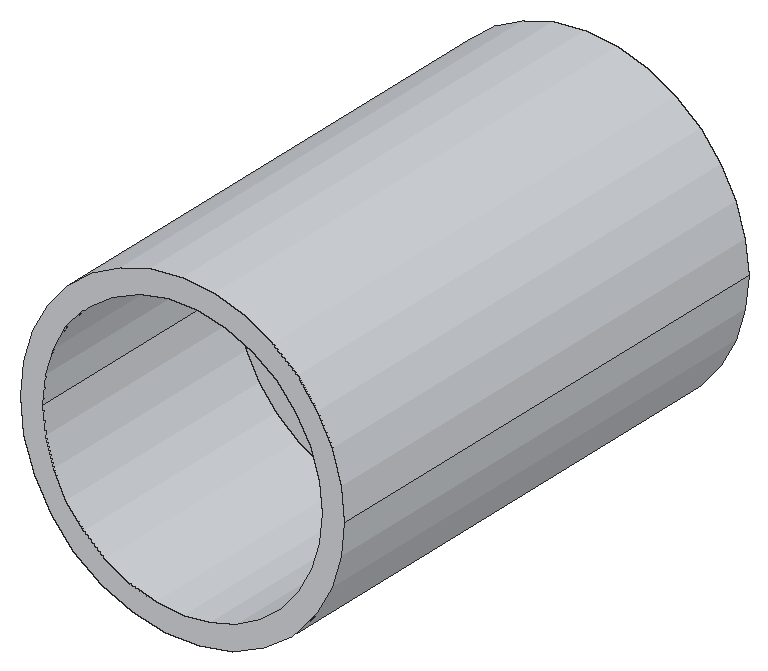
Revit family "PSC25W", category Generic Models, Revit 2017
Family settings
  Can host rebar = No
  Round Connector Dimension = Use Diameter
  Part Type = Normal
  Work Plane-Based = Yes
  Always vertical = No
  Cut with Voids When Loaded = No
  Shared = No
  Room Calculation Point = No
Parameters (values of type "NBS Standard Parameters")
  Weight = "0.0143Kg"
  WarrantyStartDate [instance] = "1900-12-31T23:59:59"
  WarrantyGuarantorParts = "n/a"
  WarrantyGuarantorLabor = "n/a"
  WarrantyDurationUnit = "1 year"
  WarrantyDurationParts = "n/a"
  WarrantyDurationLabor = "n/a"
  WarrantyDescription = "n/a"
  Version = "1"
  Uniclass2 = "Pr_65_70_11_20"
  TagNumber [instance] = "n/a"
  SustainabilityPerformance = "n/a"
  Size = "25mm"
  Shape = "Circular"
  SerialNumber [instance] = "n/a"
  Revision = "n/a"
  ReplacementCost = "n/a"
  ProductInformation = "www.metpro.co.uk/pdf/psc25w.pdf"
  NominalWidth = 29 mm
  NominalLength = 29 mm
  NominalHeight = 45 mm
  Name = ""
  NBSTypeID = ""
  NBSReference = "90-55-10/460"
  NBSOfficeMasterTag = ""
  NBSNote = ""
  NBSDescription = "Conduit Fittings"
  NBSCertification = ""
  ModelReference = "PSC25W"
  ModelNumber = "n/a"
  Material = "PVC"
  ManufacturerURL = "www.metpro.co.uk"
  ManufacturerName = "Metpro Ltd"
  Keynote = "Manufactured to BS4607 Part 1"
  InstallationDate [instance] = "1900-12-31T23:59:59"
  IfcExportType = ""
  IfcExportAs = ""
  Grade = "n/a"
  Finish = "White"
  Features = "n/a"
  ExpectedLife = "n/a"
  DurationUnit = "year"
  Description = "PSC25W - 25mm PVC Conduit Solid Coupler"
  Default Elevation = 1219.2 mm
  Constituents = "n/a"
  Color = "n/a"
  CodePerformance = "n/a"
  Category = "n/a"
  BarCode [instance] = "n/a"
  BIMObjectName = "Metpro_metprolibrary_conduitfittings_PVC component_accessory"
  Author = "Metpro Ltd"
  AssetType = ""
  AssetIdentifier [instance] = "n/a"
  AccessibilityPerformance = "n/a"
Reference planes
  plane 1 "Center (Front/Back)": y = 0
  plane 2: z = 0
  plane 3 "Center (Left/Right)": x = 0
Forms (mm)
  Extrusion 1, solid
    sketch origin (209.368, 22.5, 0) x (0, 0, -1) y (-1, 0, 0)
      loop
        circle (0.525, 3.327) r 14.5
      loop
        circle (0.525, 3.327) r 12.5
    from -22.5 to 22.5
  Extrusion 2, solid
    sketch origin (209.368, 22.5, 0) x (0, 0, -1) y (-1, 0, 0)
      loop
        circle (0.525, 3.327) r 13
      loop
        circle (0.525, 3.327) r 10.5
    from -1 to 1
Dimensions and locks
  aligned and locked: level to plane 2
